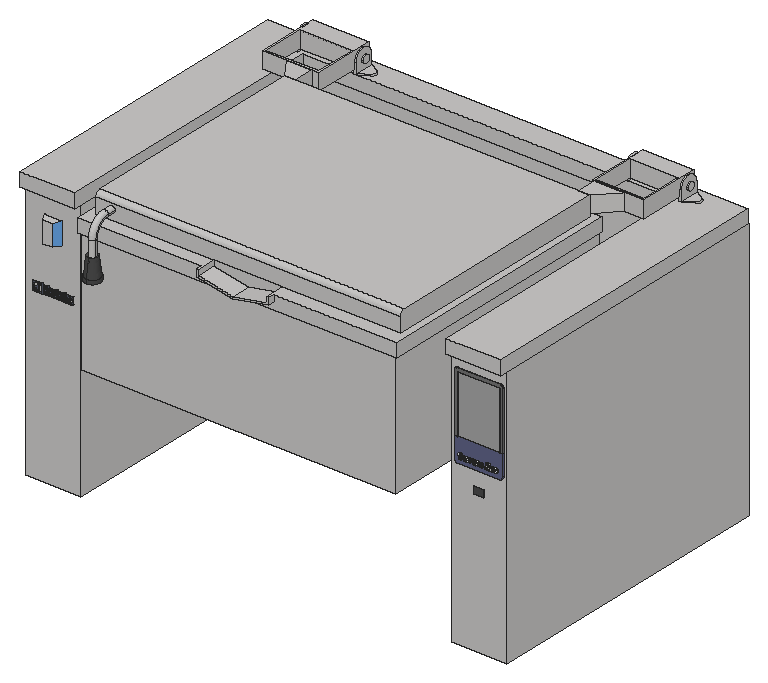
Revit family "QF_ELECTROLUXPROFESSIONAL_586282_PFET08EGEO", category Attrezzature speciali, Revit 2020 (continued)
Definition of nested family "QF_ELECTROLUXPROFESSIONAL_PBOT900H760_LEFT"
  Automatic sketch dimensions
    Extrusion 4 sketch curve to Extrusion 4 sketch curve = 1.476 mm  (x2)
    Extrusion 4 sketch curve to Extrusion 4 sketch curve = 1.469 mm  (x2)
    Extrusion 4 sketch curve to Extrusion 4 sketch curve = 3.728 mm
    Extrusion 4 sketch curve to Extrusion 4 sketch curve = 0.046 mm
    Extrusion 4 sketch curve to Extrusion 4 sketch curve = 0.177 mm
    Extrusion 4 sketch curve to Extrusion 4 sketch curve = 0.947 mm
    Extrusion 4 sketch curve to Extrusion 4 sketch curve = 0.308 mm
    Extrusion 4 sketch curve to Extrusion 4 sketch curve = 0.091 mm
    Extrusion 4 sketch curve to Extrusion 4 sketch curve = 2.375 mm
    Extrusion 4 sketch curve to Extrusion 4 sketch curve = 0.94 mm
    Extrusion 4 sketch curve to Extrusion 4 sketch curve = 0.54 mm
    Extrusion 4 sketch curve to Extrusion 4 sketch curve = 0.102 mm
    Extrusion 4 sketch curve to Extrusion 4 sketch curve = 0.002 mm  (x4)
    Extrusion 4 sketch curve to Extrusion 4 sketch curve = 0.105 mm
    Extrusion 4 sketch curve to Extrusion 4 sketch curve = 0.097 mm
    Extrusion 4 sketch curve to plane 3 "Center (Left/Right)" = 0.241 mm
    Extrusion 4 sketch curve to plane 3 "Center (Left/Right)" = 0.412 mm
    Extrusion 4 sketch curve to plane 3 "Center (Left/Right)" = 2.074 mm
    Extrusion 4 sketch curve to Extrusion 4 sketch curve = 1.777 mm
    Extrusion 4 sketch curve to plane 3 "Center (Left/Right)" = 2.704 mm
    Extrusion 4 sketch curve to Extrusion 4 sketch curve = 1.001 mm
    Extrusion 4 sketch curve to Extrusion 4 sketch curve = 1.393 mm  (x2)
    Extrusion 4 sketch curve to Extrusion 4 sketch curve = 2.363 mm
    Extrusion 4 sketch curve to Extrusion 4 sketch curve = 2.253 mm
    Extrusion 4 sketch curve to Extrusion 4 sketch curve = 0.014 mm  (x4)
    Extrusion 4 sketch curve to Extrusion 4 sketch curve = 0.172 mm
    Extrusion 4 sketch curve to Extrusion 4 sketch curve = 0.096 mm
    Extrusion 4 sketch curve to Extrusion 4 sketch curve = 0.164 mm
    Extrusion 4 sketch curve to Extrusion 4 sketch curve = 0.298 mm
    Extrusion 4 sketch curve to Extrusion 4 sketch curve = 0.247 mm
    Extrusion 4 sketch curve to Extrusion 4 sketch curve = 0.084 mm
    Extrusion 4 sketch curve to Extrusion 4 sketch curve = 6.484 mm
    Extrusion 4 sketch curve to Extrusion 4 sketch curve = 2.596 mm
    Extrusion 4 sketch curve to Extrusion 4 sketch curve = 0.059 mm  (x2)
    Extrusion 4 sketch curve to Extrusion 4 sketch curve = 3.889 mm
    Extrusion 4 sketch curve to Extrusion 4 sketch curve = 6.029 mm
    Extrusion 4 sketch curve to Extrusion 4 sketch curve = 0.929 mm
    Extrusion 4 sketch curve to Extrusion 4 sketch curve = 1.102 mm
    Extrusion 4 sketch curve to Extrusion 4 sketch curve = 0.756 mm  (x2)
    Extrusion 4 sketch curve to Extrusion 4 sketch curve = 0.852 mm
    Extrusion 4 sketch curve to Extrusion 4 sketch curve = 0.108 mm
    Extrusion 4 sketch curve to Extrusion 4 sketch curve = 0.101 mm
    Extrusion 4 sketch curve to Extrusion 4 sketch curve = 0.072 mm
    Extrusion 4 sketch curve to Extrusion 4 sketch curve = 1.67 mm
    Extrusion 4 sketch curve to Extrusion 4 sketch curve = 1.834 mm
    Extrusion 4 sketch curve to Extrusion 4 sketch curve = 0.366 mm
    Extrusion 4 sketch curve to Extrusion 4 sketch curve = 0.993 mm
    Extrusion 4 sketch curve to Extrusion 4 sketch curve = 0.81 mm
    Extrusion 4 sketch curve to Extrusion 4 sketch curve = 1.026 mm  (x2)
    Extrusion 4 sketch curve to Extrusion 4 sketch curve = 4.272 mm
    Extrusion 4 sketch curve to Extrusion 4 sketch curve = 0.163 mm
    Extrusion 4 sketch curve to Extrusion 4 sketch curve = 0.551 mm
    plane 14 to Extrusion 4 sketch curve = 6.023 mm
    Extrusion 4 sketch curve to Extrusion 4 sketch curve = 1.451 mm
    plane 14 to Extrusion 4 sketch curve = 5.28 mm
    Extrusion 4 sketch curve to Extrusion 4 sketch curve = 0.045 mm  (x2)
    Extrusion 4 sketch curve to Extrusion 4 sketch curve = 0.241 mm
    Extrusion 4 sketch curve to Extrusion 4 sketch curve = 0.039 mm
    Extrusion 4 sketch curve to Extrusion 4 sketch curve = 1.134 mm
    Extrusion 4 sketch curve to Extrusion 4 sketch curve = 2.351 mm
    Extrusion 4 sketch curve to plane 14 = 0.874 mm
    Extrusion 4 sketch curve to Extrusion 4 sketch curve = 10.128 mm
    Extrusion 4 sketch curve to Extrusion 4 sketch curve = 0.956 mm
    Extrusion 4 sketch curve to Extrusion 4 sketch curve = 1.263 mm
    Extrusion 4 sketch curve to Extrusion 4 sketch curve = 2.577 mm
    Extrusion 4 sketch curve to Extrusion 4 sketch curve = 0.243 mm
    Extrusion 4 sketch curve to Extrusion 4 sketch curve = 0.031 mm
    Extrusion 4 sketch curve to Extrusion 4 sketch curve = 7.148 mm
    Extrusion 4 sketch curve to Extrusion 4 sketch curve = 1.502 mm
    Extrusion 4 sketch curve to Extrusion 4 sketch curve = 11.54 mm
    Extrusion 4 sketch curve to Extrusion 4 sketch curve = 11.758 mm
    Extrusion 4 sketch curve to Extrusion 4 sketch curve = 4.097 mm
    Extrusion 4 sketch curve to Extrusion 4 sketch curve = 0.011 mm
    Extrusion 4 sketch curve to Extrusion 4 sketch curve = 4.488 mm
    plane 18 "CHW" to Extrusion 4 sketch curve = 191.223 mm
    Extrusion 4 sketch curve to Extrusion 4 sketch curve = 3.444 mm  (x2)
    Extrusion 4 sketch curve to Extrusion 4 sketch curve = 3.777 mm
    Extrusion 4 sketch curve to Extrusion 4 sketch curve = 1.093 mm
    Extrusion 4 sketch curve to Extrusion 4 sketch curve = 1.192 mm
    Extrusion 4 sketch curve to Extrusion 4 sketch curve = 0.319 mm
    Extrusion 4 sketch curve to Extrusion 4 sketch curve = 5.798 mm
    Extrusion 4 sketch curve to Extrusion 4 sketch curve = 2.021 mm
    Extrusion 4 sketch curve to Extrusion 4 sketch curve = 2.357 mm  (x3)
    Extrusion 4 sketch curve to Extrusion 4 sketch curve = 0.892 mm  (x3)
    Extrusion 4 sketch curve to Extrusion 4 sketch curve = 1.018 mm
    Extrusion 4 sketch curve to Extrusion 4 sketch curve = 3.382 mm  (x2)
    Extrusion 4 sketch curve to Extrusion 4 sketch curve = 2.117 mm
    Extrusion 4 sketch curve to Extrusion 4 sketch curve = 0.195 mm  (x2)
    Extrusion 4 sketch curve to Extrusion 4 sketch curve = 0.295 mm  (x2)
    Extrusion 4 sketch curve to Extrusion 4 sketch curve = 0.618 mm
    Extrusion 4 sketch curve to Extrusion 4 sketch curve = 0.385 mm  (x2)
    Extrusion 4 sketch curve to Extrusion 4 sketch curve = 1.626 mm  (x2)
    Extrusion 4 sketch curve to Extrusion 4 sketch curve = 1.65 mm
    Extrusion 4 sketch curve to Extrusion 4 sketch curve = 1.662 mm
    Extrusion 4 sketch curve to Extrusion 4 sketch curve = 0.013 mm  (x2)
    Extrusion 4 sketch curve to Extrusion 4 sketch curve = 0.292 mm
    Extrusion 4 sketch curve to Extrusion 4 sketch curve = 0.107 mm  (x2)
    Extrusion 4 sketch curve to Extrusion 4 sketch curve = 0.068 mm  (x2)
    Extrusion 4 sketch curve to Extrusion 4 sketch curve = 0.968 mm
    Extrusion 4 sketch curve to Extrusion 4 sketch curve = 0.365 mm
    Extrusion 4 sketch curve to Extrusion 4 sketch curve = 2.361 mm
    Extrusion 4 sketch curve to Extrusion 4 sketch curve = 2.359 mm
    Extrusion 4 sketch curve to Extrusion 4 sketch curve = 0.531 mm  (x2)
    Extrusion 4 sketch curve to Extrusion 4 sketch curve = 0.928 mm  (x2)
    Extrusion 4 sketch curve to Extrusion 4 sketch curve = 1.058 mm
    Extrusion 4 sketch curve to Extrusion 4 sketch curve = 0.297 mm  (x2)
    Extrusion 4 sketch curve to Extrusion 4 sketch curve = 0.155 mm  (x2)
    Extrusion 4 sketch curve to Extrusion 4 sketch curve = 1.305 mm
    Extrusion 4 sketch curve to Extrusion 4 sketch curve = 1.037 mm
    Extrusion 4 sketch curve to Extrusion 4 sketch curve = 0.182 mm  (x2)
    Extrusion 4 sketch curve to Extrusion 4 sketch curve = 0.607 mm  (x2)
    Extrusion 4 sketch curve to Extrusion 4 sketch curve = 0.304 mm  (x2)
    Extrusion 4 sketch curve to Extrusion 4 sketch curve = 0.372 mm  (x2)
    Extrusion 4 sketch curve to Extrusion 4 sketch curve = 0.016 mm  (x2)
    Extrusion 4 sketch curve to Extrusion 4 sketch curve = 0.996 mm
    Extrusion 4 sketch curve to Extrusion 4 sketch curve = 0.93 mm
    Extrusion 4 sketch curve to Extrusion 4 sketch curve = 0.709 mm  (x2)
    Extrusion 4 sketch curve to Extrusion 4 sketch curve = 1.752 mm
    Extrusion 4 sketch curve to Extrusion 4 sketch curve = 1.017 mm
    Extrusion 4 sketch curve to Extrusion 4 sketch curve = 4.718 mm
    Extrusion 4 sketch curve to Extrusion 4 sketch curve = 0.891 mm
    Extrusion 4 sketch curve to Extrusion 4 sketch curve = 3.826 mm
    Extrusion 4 sketch curve to Extrusion 4 sketch curve = 1.696 mm
    Extrusion 4 sketch curve to Extrusion 4 sketch curve = 0.954 mm
    Extrusion 4 sketch curve to Extrusion 4 sketch curve = 5.576 mm
    Extrusion 4 sketch curve to Extrusion 4 sketch curve = 5.657 mm  (x2)
    Extrusion 4 sketch curve to Extrusion 4 sketch curve = 5.661 mm  (x2)
    Extrusion 4 sketch curve to Extrusion 4 sketch curve = 0.006 mm
    Extrusion 4 sketch curve to Extrusion 4 sketch curve = 1.499 mm
    Extrusion 4 sketch curve to Extrusion 4 sketch curve = 7.186 mm
    Extrusion 4 sketch curve to Extrusion 4 sketch curve = 2.203 mm
    Extrusion 4 sketch curve to Extrusion 4 sketch curve = 2.21 mm
    Extrusion 4 sketch curve to Extrusion 4 sketch curve = 1.607 mm
    Extrusion 4 sketch curve to Extrusion 4 sketch curve = 3.479 mm
    Extrusion 4 sketch curve to Extrusion 4 sketch curve = 3.92 mm
    Extrusion 4 sketch curve to Extrusion 4 sketch curve = 0.05 mm
    Extrusion 4 sketch curve to Extrusion 4 sketch curve = 1.776 mm
    Extrusion 4 sketch curve to Extrusion 4 sketch curve = 4.017 mm
    Extrusion 4 sketch curve to Extrusion 4 sketch curve = 0.196 mm  (x2)
    Extrusion 4 sketch curve to Extrusion 4 sketch curve = 0.19 mm
    Extrusion 4 sketch curve to Extrusion 4 sketch curve = 1.312 mm
    Extrusion 4 sketch curve to Extrusion 4 sketch curve = 0.146 mm
    Extrusion 4 sketch curve to Extrusion 4 sketch curve = 2.831 mm
    Extrusion 4 sketch curve to Extrusion 4 sketch curve = 0.387 mm
    Extrusion 4 sketch curve to Extrusion 4 sketch curve = 0.174 mm
    Extrusion 4 sketch curve to Extrusion 4 sketch curve = 4.623 mm
    Extrusion 4 sketch curve to Extrusion 4 sketch curve = 1.754 mm
    Extrusion 4 sketch curve to Extrusion 4 sketch curve = 0.188 mm
    Extrusion 4 sketch curve to Extrusion 4 sketch curve = 0.02 mm
    Extrusion 4 sketch curve to Extrusion 4 sketch curve = 0.313 mm
    Extrusion 4 sketch curve to Extrusion 4 sketch curve = 0.12 mm
    Extrusion 4 sketch curve to Extrusion 4 sketch curve = 0.062 mm
    Extrusion 4 sketch curve to Extrusion 4 sketch curve = 0.568 mm
    Extrusion 4 sketch curve to Extrusion 4 sketch curve = 1.763 mm
    Extrusion 4 sketch curve to Extrusion 4 sketch curve = 0.095 mm
    Extrusion 4 sketch curve to Extrusion 4 sketch curve = 1.817 mm
    Extrusion 4 sketch curve to Extrusion 4 sketch curve = 0.357 mm
    Extrusion 4 sketch curve to Extrusion 4 sketch curve = 0.008 mm
    Extrusion 4 sketch curve to Extrusion 4 sketch curve = 0.36 mm
    Extrusion 4 sketch curve to Extrusion 4 sketch curve = 3.784 mm
    Extrusion 4 sketch curve to Extrusion 4 sketch curve = 1.654 mm
    Extrusion 4 sketch curve to Extrusion 4 sketch curve = 1.454 mm
    Extrusion 4 sketch curve to Extrusion 4 sketch curve = 1.705 mm
    Extrusion 4 sketch curve to Extrusion 4 sketch curve = 1.893 mm
    Extrusion 4 sketch curve to Extrusion 4 sketch curve = 3.429 mm
    Extrusion 4 sketch curve to Extrusion 4 sketch curve = 1.094 mm
    Extrusion 4 sketch curve to Extrusion 4 sketch curve = 2.218 mm
    Extrusion 4 sketch curve to Extrusion 4 sketch curve = 1.404 mm
    Extrusion 4 sketch curve to Extrusion 4 sketch curve = 5.763 mm
    Extrusion 4 sketch curve to Extrusion 4 sketch curve = 2.932 mm  (x2)
    Extrusion 4 sketch curve to Extrusion 4 sketch curve = 5.959 mm
    Extrusion 4 sketch curve to Extrusion 4 sketch curve = 1.424 mm
    Extrusion 4 sketch curve to Extrusion 4 sketch curve = 3.23 mm
    Extrusion 4 sketch curve to Extrusion 4 sketch curve = 1.975 mm
    Extrusion 4 sketch curve to Extrusion 4 sketch curve = 3.779 mm
    Extrusion 4 sketch curve to Extrusion 4 sketch curve = 2.212 mm
    Extrusion 4 sketch curve to Extrusion 4 sketch curve = 3.78 mm
    Extrusion 4 sketch curve to Extrusion 4 sketch curve = 1.279 mm
    Extrusion 4 sketch curve to Extrusion 4 sketch curve = 1.343 mm  (x2)
    Extrusion 4 sketch curve to Extrusion 4 sketch curve = 1.353 mm  (x2)
    Extrusion 4 sketch curve to Extrusion 4 sketch curve = 0.027 mm  (x2)
    Extrusion 4 sketch curve to Extrusion 4 sketch curve = 0.395 mm  (x2)
    Extrusion 4 sketch curve to Extrusion 4 sketch curve = 0.329 mm  (x2)
    Extrusion 4 sketch curve to Extrusion 4 sketch curve = 0.425 mm  (x2)
    Extrusion 4 sketch curve to Extrusion 4 sketch curve = 0.051 mm  (x2)
    Extrusion 4 sketch curve to Extrusion 4 sketch curve = 0.495 mm  (x2)
    Extrusion 4 sketch curve to Extrusion 4 sketch curve = 0.267 mm  (x2)
    Extrusion 4 sketch curve to Extrusion 4 sketch curve = 1.4 mm
    Extrusion 4 sketch curve to Extrusion 4 sketch curve = 5.233 mm
    Extrusion 4 sketch curve to Extrusion 4 sketch curve = 2.062 mm
    Extrusion 5 sketch curve to plane 13 "HW_CW" = 0.0 mm  (x2)
    Extrusion 5 sketch curve to plane 15 = 0.0 mm
    Extrusion 5 sketch curve to plane 14 = 0.0 mm
    Extrusion 6 sketch curve to plane 3 "Center (Left/Right)" = 0.0 mm
    Extrusion 6 sketch curve to plane 16 "SteamO" = 0.0 mm
    radius of Extrusion 2 sketch curve = 6.35 mm  (x2)
    radius of Extrusion 4 sketch curve = 2.453 mm
    radius of Extrusion 4 sketch curve = 1.557 mm
    radius of Extrusion 4 sketch curve = 1.468 mm
    radius of Extrusion 4 sketch curve = 2.451 mm
    radius of Extrusion 5 sketch curve = 5.0 mm  (x2)
    radius of Extrusion 6 sketch curve = 12.7 mm
Definition of nested family "QF_ELECTROLUXPROFESSIONAL_PBOT900H760_RIGHT"
  Parameters
    Width = 160.0 mm
    Right = Width / 2  # 80.0 mm
    Default Elevation = 0.0 mm
    Left = -Width / 2  # -80.0 mm
    Htop = 40.0 mm
    Height = 900.0 mm
    HBase = 100.0 mm
    EI_z = 350.0 mm
    EI_y = 315.0 mm
    Depth = 900.0 mm
    BorderFront = 20.0 mm
    Body Finish [instance] = none
  Reference planes
    plane 1 "Center (Front/Back)": y = 0
    plane 2: z = 0
    plane 3 "Center (Left/Right)": x = 0
    plane 4 "LEFT": x = -80
    plane 5 "RIGHT": x = 80
    plane 6 "BACK": y = 450
    plane 7 "FRONT": y = -450
    plane 8 "Base": z = 100
    plane 9 "TOP": z = 900
    plane 10 "BorderFront": y = -430
    plane 11: z = 860
    plane 12 "EI": z = 450
    plane 13: y = 135
    plane 14 "STEAM_y": y = 211
    plane 15 "Steam_z": z = 240
  Forms (mm)
    Extrusion 1, solid
      sketch origin (0, 0, 0) x (1, 0, 0) y (0, 1, 0)
        loop
          line (-80, 450) -> (-80, -430) -> (80, -430) -> (80, 450) -> (-80, 450)
      from 860 to 100
    Extrusion 2, solid
      sketch origin (0, -430, 0) x (-1, 0, 0) y (0, 0, 1)
        loop
          line (59.714, 823.989) -> (-61.821, 823.989)
          arc (-61.821, 823.989) -> (-68.892, 821.06) -> (-71.821, 813.989) r 10
          line (-71.821, 813.989) -> (-71.821, 644.744) -> (-61.821, 644.744) -> (-61.821, 813.989) -> (59.714, 813.989) -> (59.714, 644.744) -> (69.714, 644.744) -> (69.714, 813.989)
          arc (69.714, 813.989) -> (66.786, 821.06) -> (59.714, 823.989) r 10
      from 0 to -3
    Extrusion 3, solid
      sketch origin (0, -430, 0) x (-1, 0, 0) y (0, 0, 1)
        loop
          line (69.714, 585) -> (69.714, 644.744) -> (-71.821, 644.744) -> (-71.821, 585)
          arc (-71.821, 585) -> (-68.892, 577.929) -> (-61.821, 575) r 10
          line (-61.821, 575) -> (59.714, 575)
          arc (59.714, 575) -> (66.786, 577.929) -> (69.714, 585) r 10
      from -3 to 0
    Extrusion 4, solid
      sketch origin (234.714, -430, 0) x (-1, 0, 0) y (0, 0, 1)
        loop
          line (294.429, 813.989) -> (172.894, 813.989) -> (172.894, 644.744) -> (294.429, 644.744) -> (294.429, 813.989)
      from 0 to -3
    Extrusion 5, solid
      sketch origin (0, -430, 0) x (-1, 0, 0) y (0, 0, 1)
        loop
          line (15, 530) -> (-15, 530) -> (-15, 510) -> (15, 510) -> (15, 530)
      from -1.6 to 0
    Extrusion 6, solid
      sketch origin (0, 450, 0) x (-1, 0, 0) y (0, 0, 1)
        loop
          circle (0, 450) r 5
      from 0 to 2
    Extrusion 7, solid
      sketch origin (0, 0, 100) x (0, 1, 0) y (-1, 0, 0)
        loop
          circle (135, 0) r 10
      from 0 to -3
    Extrusion 8, solid
      sketch origin (0, 0, 100) x (0, 1, 0) y (-1, 0, 0)
        loop
          circle (211, 0) r 12.7
      from 0 to -3
  Lines and regions (mm)
    symbolic lines
      curve 1: line (-80, 450, 0) -> (80, 450, 0)
      curve 2: line (80, 450, 0) -> (80, -430, 0)
  Dimensions and locks
    "Width": plane 4 "LEFT" to plane 5 "RIGHT"
    equal spacing: plane 4 "LEFT", plane 3 "Center (Left/Right)", plane 5 "RIGHT"
    equal spacing: plane 6 "BACK", plane 1 "Center (Front/Back)", plane 7 "FRONT"
    "Depth": plane 6 "BACK" to plane 7 "FRONT"
    "BorderFront": plane 10 "BorderFront" to plane 7 "FRONT"
    "Htop": plane 9 "TOP" to plane 11
    "Height": plane 9 "TOP" to level
    "HBase": plane 8 "Base" to level
    "EI_y": plane 6 "BACK" to plane 13
    "EI_z": plane 12 "EI" to plane 8 "Base"
    plane 6 "BACK" to plane 14 "STEAM_y" = 239.0 mm
    plane 15 "Steam_z" to plane 8 "Base" = 140.0 mm
    aligned and locked: level to plane 2
    aligned and locked: plane 10 "BorderFront" to Extrusion 1 sketch curve
    aligned and locked: plane 11 to Extrusion 1
    aligned and locked: Extrusion 1 to plane 8 "Base"
    aligned and locked: plane 4 "LEFT" to Extrusion 1 sketch curve
    aligned and locked: Extrusion 1 sketch curve to plane 5 "RIGHT"
    aligned and locked: Extrusion 1 sketch curve to plane 6 "BACK"
  Automatic sketch dimensions
    Extrusion 2 sketch curve to plane 5 "RIGHT" = 8.179 mm
    Extrusion 2 sketch curve to Extrusion 2 sketch curve = 10.0 mm  (x2)
    Extrusion 2 sketch curve to Extrusion 2 sketch curve = 0.0 mm  (x4)
    plane 4 "LEFT" to Extrusion 2 sketch curve = 20.286 mm
    Extrusion 2 sketch curve to plane 11 = 215.256 mm
    Extrusion 2 sketch curve to plane 11 = 46.011 mm
    Extrusion 3 sketch curve to plane 5 "RIGHT" = 8.179 mm
    plane 4 "LEFT" to Extrusion 3 sketch curve = 20.286 mm
    plane 4 "LEFT" to Extrusion 3 sketch curve = 10.286 mm
    Extrusion 3 sketch curve to plane 11 = 285.0 mm
    Extrusion 3 sketch curve to Extrusion 3 sketch curve = 59.744 mm
    Extrusion 3 sketch curve to Extrusion 3 sketch curve = 10.0 mm
    plane 4 "LEFT" to Extrusion 4 sketch curve = 20.286 mm
    Extrusion 4 sketch curve to plane 11 = 46.011 mm
    Extrusion 4 sketch curve to plane 5 "RIGHT" = 18.179 mm
    Extrusion 4 sketch curve to Extrusion 4 sketch curve = 169.244 mm
    Extrusion 6 sketch curve to plane 3 "Center (Left/Right)" = 0.0 mm
    Extrusion 6 sketch curve to plane 12 "EI" = 0.0 mm
    curve 1 to plane 4 "LEFT" = 0.0 mm
    curve 1 to plane 5 "RIGHT" = 0.0 mm
    curve 2 to plane 10 "BorderFront" = 0.0 mm
    curve 1 to plane 6 "BACK" = 0.0 mm
    plane 3 "Center (Left/Right)" to Extrusion 5 sketch curve = 15.0 mm
    Extrusion 5 sketch curve to plane 3 "Center (Left/Right)" = 15.0 mm
    plane 12 "EI" to Extrusion 5 sketch curve = 60.0 mm
    Extrusion 5 sketch curve to Extrusion 5 sketch curve = 20.0 mm
    Extrusion 7 sketch curve to plane 3 "Center (Left/Right)" = 0.0 mm
    Extrusion 7 sketch curve to plane 13 = 0.0 mm
    Extrusion 8 sketch curve to plane 3 "Center (Left/Right)" = 0.0 mm
    Extrusion 8 sketch curve to plane 14 "STEAM_y" = 0.0 mm
    radius of Extrusion 6 sketch curve = 5.0 mm
    radius of Extrusion 7 sketch curve = 10.0 mm
    radius of Extrusion 8 sketch curve = 12.7 mm
  Nested families
    nested 1: "ELX_ThermaLine" at (-0.906, -433, 593.675) x (1, 0, 0) z (0, -1, 0), type "ELX_ThermaLine"
      with Show Logo yes, Material_Logo none
  Definition of nested family "ELX_ThermaLine"
    Parameters
      Show Logo [instance] = yes
      Material_Logo [instance] = none
      Default Elevation = 0.0 mm
    Reference planes
      plane 1 "Centro (Fronte/Retro)": y = 0
      plane 2: z = 0
      plane 3 "Centro (Sinistra/Destra)": x = 0
    Forms (mm)
      Extrusion 1, solid
        sketch origin (0, 0, 0) x (1, 0, 0) y (0, 1, 0)
          loop
            line (-1219.2, 1219.2) -> (-1219.2, -1219.2) -> (1219.2, -1219.2) -> (1219.2, 1219.2) -> (-1219.2, 1219.2)
        from 0 to -304.8
      Extrusion 2, solid
        sketch origin (0, 0, 0) x (1, 0, 0) y (0, 1, 0)
          loop
            line (-52.84, 4.345) -> (-50.793, 4.345) -> (-50.793, 6.716) -> (-52.84, 6.716) -> (-52.84, 10.788) -> (-55.901, 9.058) -> (-55.901, 6.716) -> (-57.324, 6.716) -> (-57.324, 4.345) -> (-55.901, 4.345) -> (-55.901, -1.637)
            arc (-55.901, -1.637) -> (-54.76, -4.355) -> (-51.88, -4.985) r 3.198
            line (-51.88, -4.985) -> (-50.444, -4.597) -> (-50.782, -2.189) -> (-51.765, -2.453)
            arc (-51.765, -2.453) -> (-52.506, -2.305) -> (-52.84, -1.628) r 0.854
            line (-52.84, -1.628) -> (-52.84, 4.345)
          loop
            line (-48.642, 11.198) -> (-48.642, -4.787) -> (-45.561, -4.787) -> (-45.561, 2.659)
            arc (-45.561, 2.659) -> (-44.379, 4.372) -> (-42.304, 4.523) r 2.408
            arc (-42.304, 4.523) -> (-41.484, 3.75) -> (-41.182, 2.665) r 2.099
            line (-41.182, 2.665) -> (-41.182, -4.787) -> (-38.117, -4.787) -> (-38.088, 2.166)
            arc (-38.088, 2.166) -> (-38.343, 3.963) -> (-39.021, 5.646) r 7.517
            arc (-39.021, 5.646) -> (-42.369, 6.971) -> (-45.561, 5.303) r 4.327
            line (-45.561, 5.303) -> (-45.561, 11.198) -> (-48.642, 11.198)
          loop
            arc (-28.196, 1.988) -> (-28.834, 3.893) -> (-30.683, 4.679) r 2.449
            arc (-30.683, 4.679) -> (-32.149, 3.674) -> (-32.711, 1.988) r 2.793
            line (-32.711, 1.988) -> (-28.196, 1.988)
          loop
            arc (-25.128, 0.121) -> (-26.074, 4.342) -> (-29.545, 6.923) r 6.212
            arc (-29.545, 6.923) -> (-33.021, 6.358) -> (-35.352, 3.718) r 5.232
            arc (-35.352, 3.718) -> (-35.918, 1.148) -> (-35.633, -1.468) r 8.117
            arc (-35.633, -1.468) -> (-34.524, -3.319) -> (-32.789, -4.603) r 5.523
            arc (-32.789, -4.603) -> (-28.402, -4.744) -> (-25.297, -1.641) r 5.523
            line (-25.297, -1.641) -> (-28.327, -1.106)
            arc (-28.327, -1.106) -> (-29.324, -2.396) -> (-30.951, -2.501) r 1.982
            arc (-30.951, -2.501) -> (-32.276, -1.475) -> (-32.789, 0.121) r 2.835
            line (-32.789, 0.121) -> (-25.128, 0.121)
          loop
            line (-22.733, -4.787) -> (-19.705, -4.787) -> (-19.705, 0)
            arc (-19.705, 0) -> (-19.663, 1.267) -> (-19.469, 2.521) r 10.557
            arc (-19.469, 2.521) -> (-18.189, 4.014) -> (-16.237, 3.761) r 2.069
            line (-16.237, 3.761) -> (-15.318, 6.433)
            arc (-15.318, 6.433) -> (-17.915, 6.783) -> (-19.931, 5.11) r 3.262
            line (-19.931, 5.11) -> (-19.931, 6.752) -> (-22.733, 6.752) -> (-22.733, -4.787)
          loop
            line (-14.233, 6.752) -> (-14.233, -4.787) -> (-11.135, -4.787) -> (-11.135, 1.783)
            arc (-11.135, 1.783) -> (-10.552, 3.635) -> (-8.862, 4.59) r 2.646
            arc (-8.862, 4.59) -> (-7.677, 3.931) -> (-7.234, 2.65) r 1.899
            line (-7.234, 2.65) -> (-7.234, -4.787) -> (-4.155, -4.787) -> (-4.155, 1.467)
            arc (-4.155, 1.467) -> (-3.845, 2.923) -> (-2.97, 4.128) r 3.581
            arc (-2.97, 4.128) -> (-1.581, 4.474) -> (-0.516, 3.516) r 1.525
            arc (-0.516, 3.516) -> (-0.324, 2.735) -> (-0.304, 1.931) r 3.735
            line (-0.304, 1.931) -> (-0.304, -4.787) -> (2.776, -4.787) -> (2.776, 3.096)
            arc (2.776, 3.096) -> (1.833, 5.68) -> (-0.612, 6.942) r 3.784
            arc (-0.612, 6.942) -> (-2.795, 6.596) -> (-4.513, 5.205) r 4.271
            arc (-4.513, 5.205) -> (-5.893, 6.457) -> (-7.686, 6.964) r 4.079
            arc (-7.686, 6.964) -> (-9.75, 6.555) -> (-11.39, 5.237) r 4.412
            line (-11.39, 5.237) -> (-11.39, 6.752) -> (-14.233, 6.752)
          loop
            line (5.334, 3.712) -> (8.069, 3.23)
            arc (8.069, 3.23) -> (10.312, 4.685) -> (12.137, 2.73) r 2.082
            line (12.137, 2.73) -> (8.171, 1.741)
            arc (8.171, 1.741) -> (6.593, 1.022) -> (5.378, -0.215) r 4.758
            arc (5.378, -0.215) -> (5.225, -1.991) -> (5.744, -3.697) r 4.711
            arc (5.744, -3.697) -> (7.301, -4.682) -> (9.118, -4.992) r 4.691
            arc (9.118, -4.992) -> (10.903, -4.593) -> (12.411, -3.558) r 4.818
            line (12.411, -3.558) -> (12.81, -4.787) -> (15.873, -4.787) -> (15.179, -2.652) -> (15.179, 3.25)
            arc (15.179, 3.25) -> (14.773, 5.146) -> (13.38, 6.496) r 3.336
            arc (13.38, 6.496) -> (10.765, 7.201) -> (8.091, 6.773) r 6.459
            arc (8.091, 6.773) -> (6.348, 5.57) -> (5.334, 3.712) r 4.569
          loop
            line (21.001, -4.787) -> (24.24, -4.787) -> (27.623, 11.127) -> (24.384, 11.127) -> (21.001, -4.787)
          loop
            line (27.273, -4.787) -> (30.332, -4.787) -> (32.777, 6.716) -> (29.718, 6.716) -> (27.273, -4.787)
          loop
            line (30.656, 11.127) -> (30.058, 8.314) -> (33.117, 8.314) -> (33.715, 11.127) -> (30.656, 11.127)
          loop
            line (33.431, -4.787) -> (36.649, -4.787) -> (38.261, 2.796)
            arc (38.261, 2.796) -> (39.644, 4.445) -> (41.791, 4.594) r 2.751
            arc (41.791, 4.594) -> (42.425, 3.729) -> (42.502, 2.659) r 1.936
            line (42.502, 2.659) -> (40.919, -4.787) -> (43.989, -4.787) -> (45.795, 3.712)
            arc (45.795, 3.712) -> (45.588, 5.458) -> (44.361, 6.716) r 2.734
            arc (44.361, 6.716) -> (41.222, 6.857) -> (38.516, 5.259) r 5.512
            line (38.516, 5.259) -> (38.826, 6.716) -> (35.876, 6.716) -> (33.431, -4.787)
          loop
            line (50.773, 1.934) -> (55.672, 1.934)
            arc (55.672, 1.934) -> (55.737, 2.919) -> (55.334, 3.821) r 2.051
            arc (55.334, 3.821) -> (53.773, 4.722) -> (52.024, 4.287) r 2.407
            arc (52.024, 4.287) -> (51.223, 3.203) -> (50.773, 1.934) r 4.566
          loop
            line (50.479, 0) -> (58.259, 0)
            arc (58.259, 0) -> (58.241, 3.53) -> (56.181, 6.396) r 5.8
            arc (56.181, 6.396) -> (52.577, 6.992) -> (49.395, 5.199) r 5.498
            arc (49.395, 5.199) -> (47.819, 2.372) -> (47.536, -0.853) r 7.747
            arc (47.536, -0.853) -> (48.406, -3.006) -> (50.236, -4.437) r 4.494
            arc (50.236, -4.437) -> (52.672, -4.934) -> (55.109, -4.437) r 6.224
            arc (55.109, -4.437) -> (56.76, -3.346) -> (57.916, -1.739) r 5.478
            line (57.916, -1.739) -> (55.129, -1.247)
            arc (55.129, -1.247) -> (53.897, -2.495) -> (52.149, -2.637) r 2.52
            arc (52.149, -2.637) -> (50.809, -1.638) -> (50.479, 0) r 2.336
          loop
            line (12.154, 0.755) -> (8.732, -0.098)
            arc (8.732, -0.098) -> (8.126, -1.288) -> (8.732, -2.478) r 1.471
            arc (8.732, -2.478) -> (10.437, -2.725) -> (11.827, -1.706) r 2.276
            arc (11.827, -1.706) -> (12.142, -0.496) -> (12.154, 0.755) r 5.123
        from 0 to 1.6
    Dimensions and locks
      aligned and locked: plane 2 to Extrusion 1
      aligned and locked: level to Extrusion 1
Definition of nested family "QF_ELECTROLUXPROFESSIONAL_PFET900_LEVEL2"
  Parameters
    Default Elevation = 0.0 mm
    Assembly Code = ""
  Reference planes
    plane 1 "Center (Front/Back)": y = 0
    plane 2: z = 0
    plane 3 "Center (Left/Right)": x = 0
  Forms (mm)
    Sweep 1, solid
      path origin (0, 45, 0) x (0, 1, 0) y (0, 0, 1)
        loop
          line (-45, 0) -> (-70, 0)
          arc (-70, 0) -> (-101.82, -13.18) -> (-115, -45) r 45
          line (-115, -45) -> (-115, -90)
      profile origin (0, -12.5, 0) x (0, 0, -1) y (1, 0, 0)
        loop
          circle (0, 0) r 9
    Revolve 2, solid
      sketch origin (0, 45, 0) x (0, 1, 0) y (0, 0, 1)
        loop
          line (-115, -90) -> (-115, -152.379) -> (-92.246, -152.379) -> (-92.246, -142.379) -> (-94.495, -142.379) -> (-100, -90) -> (-115, -90)
        axis (-115, -90) -> (-115, -152.379)
      angle from 0 to 360
  Lines and regions (mm)
    symbolic lines
      curve 1: line (9, 0, 0) -> (9, -94.102, 0)
      curve 2: line (-9, 0, 0) -> (-9, -94.102, 0)
      curve 3: circle (0, -115, 0) r 22.754 normal (0, 0, 1)
  Dimensions and locks
    aligned and locked: level to plane 2
